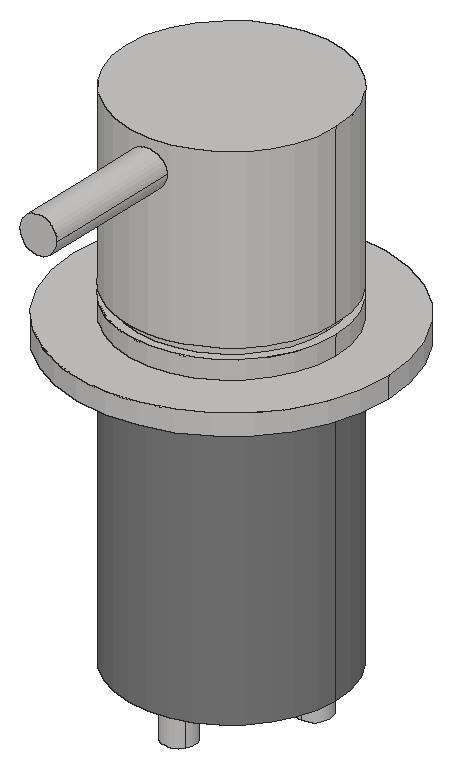
Revit family "SC1", category Generic Models, Revit 2021
Family settings
  Can host rebar = No
  Round Connector Dimension = Use Diameter
  Part Type = Normal
  Work Plane-Based = No
  Always vertical = Yes
  Cut with Voids When Loaded = No
  Shared = No
  Room Calculation Point = No
Parameters (values of type "Standard")
  e-mail = "info@vola.com"
  URL = "http://vola.com"
  Telephone = "+45 7023 5500"
  Quality management standard = "ISO 9001"
  Organisation no. / DUNS no. = "17531328"
  Occupational health and safety management standard = "ISO 18001"
  Mounting Instructions = "http://vola.com/service/producturl.ashx?name=SC1"
  Model = "SC1"
  Materials and components information = "http://vola.com/service/producturl.ashx?name=SC1"
  Manufacturer = "VOLA A/S"
  Maintenance Instructions = "http://vola.com/service/producturl.ashx?name=SC1"
  Guarantee = "2 years"
  Flow = "38,00 l/min"
  Environmental management standard = "ISO 14000"
  Default Elevation = 0.00 mm
  Connection - All relevant connections = "10mm flexible hose"
  Approvals = "http://vola.com/service/producturl.ashx?name=SC1"
Reference planes
  plane 1 "Center (Front/Back)": y = 0
  plane 2: z = 0
  plane 3 "Center (Left/Right)": x = 0
Dimensions and locks
  aligned and locked: plane 2 to level
Nested families
  nested 1: "2500" at (0, 0, 0), type "2500"
Connectors
  piping at (-10.825, 6.25, -63), diameter 6
    settings: on nested 1, index 1, connector inside diameter 0.23622", connector length 0.00 mm, flow factor 0, pipe flow 0 GPM, pressure drop 0.00 psi, fitting loss kfactor 0, connector angle 0.00°, fixture units 0, engagement length 0.00 mm, angle of deflection 0.00°, flow configuration 0, flow direction 1, fitting loss method 0, system type 19, joint type 0, gender type 0, connector reference index -1, connector utility 0, adjustable connector no, is connector primary yes, connector description ""
  piping at (10.825, 6.25, -63), diameter 6
    settings: on nested 1, index 2, connector inside diameter 0.23622", connector length 0.00 mm, flow factor 0, pipe flow 0 GPM, pressure drop 0.00 psi, fitting loss kfactor 0, connector angle 0.00°, fixture units 0, engagement length 0.00 mm, angle of deflection 0.00°, flow configuration 0, flow direction 1, fitting loss method 0, system type 20, joint type 0, gender type 0, connector reference index -1, connector utility 0, adjustable connector no, is connector primary no, connector description ""
Definition of nested family "2500"
  Parameters
    e-mail = "info@vola.com"
    URL = "http://vola.com"
    Telephone = "+45 7023 5500"
    Quality management standard = "ISO 9001"
    Organisation no. / DUNS no. = "17531328"
    Occupational health and safety management standard = "ISO 18001"
    Mounting Instructions = "http://vola.com/service/producturl.ashx?name=2500"
    Model = "2500"
    Materials and components information = "http://vola.com/service/producturl.ashx?name=2500"
    Manufacturer = "VOLA A/S"
    Maintenance Instructions = "http://vola.com/service/producturl.ashx?name=2500"
    Guarantee = "2 years"
    Flow = "18,70 l/min"
    Environmental management standard = "ISO 14000"
    Default Elevation = 0.00 mm
    Connection - All relevant connections = "10mm flexible hose"
    Approvals = "http://vola.com/service/producturl.ashx?name=2500"
  Reference planes
    plane 1 "Center (Front/Back)": y = 0
    plane 2: z = 0
    plane 3 "Center (Left/Right)": x = 0
  Forms (mm)
    Extrusion 1, solid
      sketch origin (0, 0, 0) x (1, 0, 0) y (0, 1, 0)
        loop
          circle (0, 0) r 30
      from 0 to 4
    Extrusion 2, solid
      sketch origin (0, 0, 7.5) x (1, 0, 0) y (0, 1, 0)
        loop
          circle (0, 0) r 18.25
      from 0 to 2
    Extrusion 3, solid
      sketch origin (0, 0, 9.5) x (1, 0, 0) y (0, 1, 0)
        loop
          circle (0, 0) r 20
      from 0 to 33.5
    Extrusion 4, solid
      sketch origin (0, 0, 3.25) x (1, 0, 0) y (0, 0, 1)
        loop
          circle (0, 34.5) r 3.5
      from 0 to 46
    Extrusion 5, solid
      sketch origin (0, 0, 0) x (0, 1, 0) y (1, 0, 0)
        loop
          circle (0, 0) r 20
      from 0 to 55
    Extrusion 6, solid
      sketch origin (0, 0, -55) x (0, 1, 0) y (1, 0, 0)
        loop
          circle (6.25, 10.825) r 3
        loop
          circle (6.25, -10.825) r 3
        loop
          circle (-12.5, 0) r 3
      from 0 to 8
    Extrusion 7, solid
      sketch origin (0, 0, 4) x (1, 0, 0) y (0, 1, 0)
        loop
          circle (0, 0) r 20
      from 0 to 3.5
  Cuts and joins
    joined: Extrusion 3, Extrusion 4
  Lines and regions (mm)
    model lines
      curve 1: line (6.05, -19.063, 43) -> (6.05, 19.063, 43)
      curve 2: line (-6.05, -19.063, 43) -> (-6.05, 19.063, 43)
    reference lines
      curve 3: line (-10.825, 6.25, -55) -> (-10.825, 6.25, -80)
      curve 4: line (10.825, 6.25, -55) -> (10.825, 6.25, -80)
  Dimensions and locks
    aligned and locked: plane 2 to level
